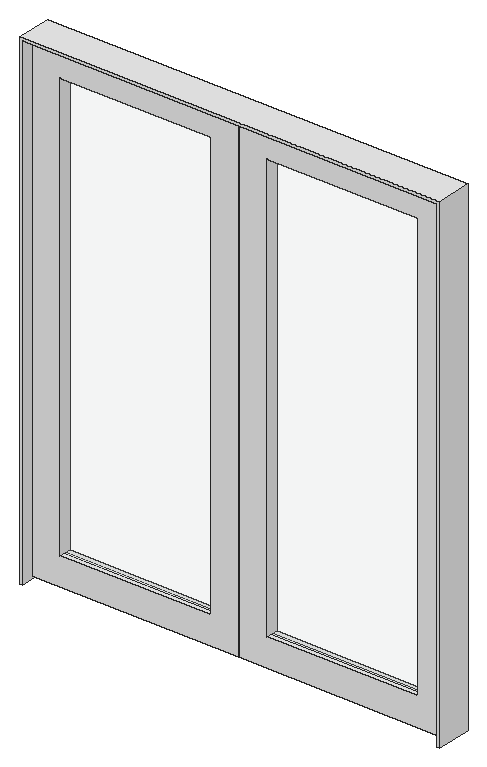
Revit family "Sliding Double Glass", category Doors, host Wall, Revit 2015
Parameters (values of type "18x21M")
  Wall Thickness [instance] = 150 mm
  URL = ""
  Thickness = 50 mm
  Rough Width = 1800 mm
  Rough Height = 2100 mm
  Rail Width = 120 mm
  Panel Width = (Rough Width / 2) - Frame Width  # 888 mm
  Offset [instance] = 0 mm
  Module Width = Rough Width / 100 mm  # 18
  Module Height = Rough Height / 100 mm  # 21
  Material Glass = none
  Material Frame = none
  Material Panel = none
  Height [instance] = Rough Height  # 2100 mm
  Wall Closure = By host
  Width [instance] = Rough Width  # 1800 mm
  Function = Interior
  Frame Width = 12 mm
  Fire Rating = "-"
  DoorBasalOpening = ""
  Assembly Code = ""
  Analytic Construction = "<None>"
Reference planes
  plane 1 "Center (Front/Back)": y = -1.032
  plane 2 "Center (Left/Right)": x = 0
  plane 3 "Left": x = -900
  plane 4 "Right": x = 900
  plane 5 "Exterior": y = 73.968
  plane 6 "Interior": y = -76.032
  plane 7 "Bottom Panel": z = 10
  plane 8: z = 2100
  plane 9 "Center Panel": y = -1.032
  plane 10: x = -1788
  plane 11: x = -1800
  plane 12: z = 1050
  plane 13: x = 1788
  plane 14: x = 1800
Forms (mm)
  Sweep 1, solid, material <- "Material Frame"
    path in 3D
      loop
        line (900, 73.968, 0) -> (900, 73.968, 2100) -> (-900, 73.968, 2100) -> (-900, 73.968, 0)
    profile origin (-900, 73.968, 1050) x (1, 0, 0) y (0, 1, 0)
      loop
        line (0, 0) -> (0, -150) -> (12, -150) -> (12, 0) -> (0, 0)
  Extrusion 2, solid, material <- "Material Panel"
    sketch origin (0, -1.032, 0) x (-1, 0, 0) y (0, 0, 1)
      loop
        line (0, 10) -> (888, 10) -> (888, 2088) -> (0, 2088) -> (0, 10)
      loop
        line (120, 1968) -> (120, 130) -> (768, 130) -> (768, 1968) -> (120, 1968)
    from 25 to -25
  Extrusion 3, solid, material <- "Material Panel"
    sketch origin (0, -1.032, 0) x (-1, 0, 0) y (0, 0, 1)
      loop
        line (-888, 10) -> (0, 10) -> (0, 2088) -> (-888, 2088) -> (-888, 10)
      loop
        line (-768, 130) -> (-120, 130) -> (-120, 1968) -> (-768, 1968) -> (-768, 130)
    from 25 to -25
  Extrusion 4, solid, material <- "Material Glass"
    sketch origin (0, -1.032, 0) x (-1, 0, 0) y (0, 0, 1)
      loop
        line (-768, 130) -> (-120, 130) -> (-120, 1968) -> (-768, 1968) -> (-768, 130)
    from 5 to -5
  Extrusion 5, solid, material <- "Material Glass"
    sketch origin (0, -1.032, 0) x (-1, 0, 0) y (0, 0, 1)
      loop
        line (120, 130) -> (768, 130) -> (768, 1968) -> (120, 1968) -> (120, 130)
    from 5 to -5
Lines and regions (mm)
  Opening 1
    outline origin (-3050, -76.032, 0) x (1, 0, 0) y (0, 0, 1)
      loop
        line (2150, 0) -> (3950, 0) -> (3950, 2100) -> (2150, 2100) -> (2150, 0)
  Masking region 1, detail levels medium+fine
    outline origin (0, 0, 0) x (1, 0, 0) y (0, 1, 0)
      loop
        line (-1344, -26.032) -> (-1224, -26.032) -> (-1224, 23.968) -> (-1344, 23.968) -> (-1344, -26.032)
      loop
        line (-456, 23.968) -> (-576, 23.968) -> (-576, -26.032) -> (-456, -26.032) -> (-456, 23.968)
  Masking region 2, detail levels medium+fine
    outline origin (0, 0, 0) x (1, 0, 0) y (0, 1, 0)
      loop
        line (456, 23.968) -> (456, -26.032) -> (576, -26.032) -> (576, 23.968) -> (456, 23.968)
      loop
        line (1344, -26.032) -> (1344, 23.968) -> (1224, 23.968) -> (1224, -26.032) -> (1344, -26.032)
  Masking region 3, detail levels fine
    outline origin (0, 0, 0) x (1, 0, 0) y (0, 1, 0)
      loop
        line (-1224, 3.968) -> (-1224, -6.032) -> (-576, -6.032) -> (-576, 3.968) -> (-1224, 3.968)
  Masking region 4, detail levels medium+fine
    outline origin (0, 0, 0) x (1, 0, 0) y (0, 1, 0)
      loop
        line (-1224, 23.968) -> (-1224, -26.032) -> (-576, -26.032) -> (-576, 23.968) -> (-1224, 23.968)
  Masking region 5, detail levels medium+fine
    outline origin (0, 0, 0) x (1, 0, 0) y (0, 1, 0)
      loop
        line (576, 23.968) -> (576, -26.032) -> (1224, -26.032) -> (1224, 23.968) -> (576, 23.968)
  Masking region 6, detail levels fine
    outline origin (0, 0, 0) x (1, 0, 0) y (0, 1, 0)
      loop
        line (576, 3.968) -> (576, -6.032) -> (1224, -6.032) -> (1224, 3.968) -> (576, 3.968)
  model lines, style "DoorsPanelProjection", detail levels medium+fine
    curve 1: line (70, 23.968, 1040) -> (70, 23.968, 950)
    curve 2: line (40, 23.968, 1040) -> (70, 23.968, 1040)
    curve 3: line (40, 23.968, 950) -> (40, 23.968, 1040)
    curve 4: line (70, 23.968, 950) -> (40, 23.968, 950)
    curve 5: line (40, -26.032, 1040) -> (70, -26.032, 1040)
    curve 6: line (70, -26.032, 1040) -> (70, -26.032, 950)
    curve 7: line (70, -26.032, 950) -> (40, -26.032, 950)
    curve 8: line (40, -26.032, 950) -> (40, -26.032, 1040)
    curve 29: line (-70, 23.968, 1040) -> (-70, 23.968, 950)
    curve 30: line (-40, 23.968, 1040) -> (-70, 23.968, 1040)
    curve 31: line (-40, 23.968, 950) -> (-40, 23.968, 1040)
    curve 32: line (-70, 23.968, 950) -> (-40, 23.968, 950)
    curve 33: line (-40, -26.032, 1040) -> (-70, -26.032, 1040)
    curve 34: line (-70, -26.032, 1040) -> (-70, -26.032, 950)
    curve 35: line (-70, -26.032, 950) -> (-40, -26.032, 950)
    curve 36: line (-40, -26.032, 950) -> (-40, -26.032, 1040)
  symbolic lines, style "DoorsPanelProjection", detail levels coarse
    curve 9: line (-456, -1.032, 0) -> (-1344, -1.032, 0)
    curve 37: line (456, -1.032, 0) -> (1344, -1.032, 0)
  sketch lines
    curve 10: line (-900, 73.968, 2100) -> (-900, 73.968, 0)
    curve 11: line (900, 73.968, 2100) -> (-900, 73.968, 2100)
    curve 12: line (900, 73.968, 0) -> (900, 73.968, 2100)
  symbolic lines, style "Plan Swing"
    curve 13: line (-800, 98.968, 0) -> (-456, 98.968, 0)
    curve 38: line (800, 98.968, 0) -> (456, 98.968, 0)
    curve 39: line (456, 98.968, 0) -> (564.757, 149.682, 0)
    curve 42: line (-456, 98.968, 0) -> (-564.757, 149.682, 0)
  symbolic lines, style "DoorsFrameMullionProjection", detail levels fine
    curve 14: line (-1788, 73.968, 0) -> (-1788, -76.032, 0)
    curve 15: line (-1800, 73.968, 0) -> (-1800, -76.032, 0)
    curve 16: line (-900, 73.968, 0) -> (-888, 73.968, 0)
    curve 17: line (-900, -76.032, 0) -> (-900, 73.968, 0)
    curve 18: line (-888, -76.032, 0) -> (-900, -76.032, 0)
    curve 19: line (-888, 73.968, 0) -> (-888, -76.032, 0)
    curve 20: line (888, 73.968, 0) -> (900, 73.968, 0)
    curve 21: line (888, -76.032, 0) -> (888, 73.968, 0)
    curve 22: line (900, -76.032, 0) -> (888, -76.032, 0)
    curve 23: line (900, 73.968, 0) -> (900, -76.032, 0)
    curve 40: line (1788, 73.968, 0) -> (1788, -76.032, 0)
    curve 41: line (1800, 73.968, 0) -> (1800, -76.032, 0)
  symbolic lines, style "Elevation Swing"
    curve 24: line (900, -1.032, 1050) -> (-900, -1.032, 1050)
    curve 25: line (-900, -1.032, 1050) -> (-726.795, -1.032, 1150)
    curve 26: line (-900, -1.032, 1050) -> (-726.795, -1.032, 950)
    curve 27: line (900, -1.032, 1050) -> (726.795, -1.032, 1150)
    curve 28: line (900, -1.032, 1050) -> (726.795, -1.032, 950)
  symbolic lines, style "DoorsPanelProjection", detail levels medium
    curve 43: line (-1224, -1.032, 0) -> (-576, -1.032, 0)
    curve 44: line (576, -1.032, 0) -> (1224, -1.032, 0)
Text (mm)
  text "Exterior" at (-2295.016, 1099.543, 0), in view "Ref. Level"
  text "Exterior" at (0, 1615.38, 3698.081), in view "Left"
  text "Exterior" at (0, 1036.032, 3874.932), in view "Right"
Dimensions and locks
  equal spacing: plane 3 "Left", plane 2 "Center (Left/Right)", plane 4 "Right"
  "Rough Width": plane 3 "Left" to plane 4 "Right"
  "Rough Height": level to plane 8
  locked: plane 5 "Exterior" to host wall at 0
  locked: plane 6 "Interior" to host wall
  locked: host wall to plane 7 "Bottom Panel" at 10
  "Offset": plane 1 "Center (Front/Back)" to plane 9 "Center Panel"
  "Frame Width": plane 3 "Left" to Sweep 1 sketch curve
  "Wall Thickness": host wall to host wall
  "Panel Width": plane 10 to plane 3 "Left"
  "Frame Width": plane 11 to plane 10
  equal spacing: level, plane 12, plane 8
  equal spacing: Extrusion 2, plane 9 "Center Panel", Extrusion 2
  "Thickness": Extrusion 2 to Extrusion 2
  equal spacing: Masking region 1 sketch curve, plane 3 "Left", Masking region 1 sketch curve
  "Panel Width": Masking region 1 sketch curve to Masking region 1 sketch curve
  equal spacing: Extrusion 3, plane 9 "Center Panel", Extrusion 3
  "Thickness": Extrusion 3 to Extrusion 3
  equal spacing: Masking region 2 sketch curve, plane 4 "Right", Masking region 2 sketch curve
  "Panel Width": Masking region 2 sketch curve to Masking region 2 sketch curve
  locked: curve 13 to Extrusion 2 at 75
  locked: plane 3 "Left" to curve 13 at 100
  locked: curve 38 to plane 4 "Right" at 100
  locked: curve 38 to Extrusion 3 at 75
  "Frame Width": plane 14 to plane 13
  "Panel Width": plane 4 "Right" to plane 13
  "Rail Width": Extrusion 3 to Sweep 1
  "Rail Width": Extrusion 3 to plane 2 "Center (Left/Right)"
  "Rail Width": plane 2 "Center (Left/Right)" to Extrusion 2
  "Rail Width": Extrusion 2 to Sweep 1  (x2)
  "Rail Width": Extrusion 3 to Extrusion 3  (x2)
  "Rail Width": Extrusion 2 to Extrusion 2
  "Rail Width": Masking region 1 sketch curve to Masking region 1 sketch curve  (x2)
  "Rail Width": Masking region 2 sketch curve to Masking region 2 sketch curve  (x2)
  locked: curve 38 to curve 39 (angle 25.00°)
  locked: curve 42 to curve 13 (angle 25.00°)
  aligned and locked: plane 3 "Left" to Opening 1 sketch curve
  aligned and locked: Opening 1 sketch curve to plane 4 "Right"
  aligned and locked: Opening 1 sketch curve to level
  aligned and locked: plane 1 "Center (Front/Back)" to host wall
  aligned and locked: curve 5 to curve 2
  aligned and locked: curve 6 to curve 1
  aligned and locked: Opening 1 sketch curve to plane 8
  aligned and locked: plane 9 "Center Panel" to curve 9
  aligned and locked: Masking region 1 to curve 9  (x2)
  aligned and locked: Sweep 1 sketch curve to plane 6 "Interior"
  aligned and locked: Sweep 1 sketch curve to plane 3 "Left"
  aligned and locked: plane 5 "Exterior" to Sweep 1 sketch curve
  aligned and locked: curve 15 to plane 11
  aligned and locked: host wall to curve 15  (x2)
  aligned and locked: host wall to curve 14  (x2)
  aligned and locked: curve 17 to plane 3 "Left"
  aligned and locked: plane 5 "Exterior" to curve 16
  aligned and locked: curve 19 to Sweep 1
  aligned and locked: curve 18 to plane 6 "Interior"
  aligned and locked: plane 4 "Right" to curve 23
  aligned and locked: plane 5 "Exterior" to curve 20
  aligned and locked: curve 22 to plane 6 "Interior"
  aligned and locked: curve 21 to Sweep 1
  aligned and locked: Sweep 1 to Extrusion 2 sketch curve
  aligned and locked: Extrusion 2 sketch curve to Sweep 1
  aligned and locked: Extrusion 2 sketch curve to plane 7 "Bottom Panel"
  aligned and locked: Sweep 1 to Extrusion 3 sketch curve
  aligned and locked: Extrusion 3 sketch curve to Sweep 1
  aligned and locked: Extrusion 3 sketch curve to plane 2 "Center (Left/Right)"
  aligned and locked: Extrusion 3 sketch curve to plane 7 "Bottom Panel"
  aligned and locked: plane 2 "Center (Left/Right)" to Extrusion 2
  aligned and locked: curve 30 to curve 33
  aligned and locked: Extrusion 2 to Masking region 1
  aligned and locked: Masking region 1 to Extrusion 2
  aligned and locked: Extrusion 3 to Masking region 2  (x2)
  aligned and locked: Masking region 2 to curve 37  (x2)
  aligned and locked: plane 14 to curve 41
  aligned and locked: curve 37 to curve 38
  aligned and locked: curve 13 to curve 9
  aligned and locked: Extrusion 4 sketch curve to Extrusion 3  (x4)
  aligned and locked: Extrusion 5 sketch curve to Extrusion 2  (x4)
  aligned and locked: Extrusion 2 to Masking region 1 sketch curve  (x3)
  aligned and locked: Masking region 1 to curve 43  (x2)
  aligned and locked: Masking region 1 to Masking region 3 sketch curve  (x2)
  aligned and locked: Masking region 3 sketch curve to Extrusion 5  (x2)
  aligned and locked: Masking region 4 sketch curve to Masking region 1  (x4)
  aligned and locked: Masking region 2 sketch curve to Extrusion 3  (x3)
  aligned and locked: Extrusion 3 to Masking region 2 sketch curve
  aligned and locked: Masking region 1 sketch curve to Extrusion 2
  aligned and locked: Masking region 2 to curve 44  (x2)
  aligned and locked: Masking region 5 sketch curve to Masking region 2  (x4)
  aligned and locked: Masking region 6 sketch curve to Masking region 5  (x2)
  aligned and locked: Masking region 6 sketch curve to Extrusion 4  (x2)
  aligned and locked: curve 43 to plane 9 "Center Panel"
  aligned and locked: curve 44 to plane 9 "Center Panel"
Automatic sketch dimensions
  plane 4 "Right" to curve 28 = 0 mm
  plane 3 "Left" to curve 24 = 0 mm
  curve 24 to plane 12 = 0 mm
  plane 4 "Right" to curve 27 = 173.205 mm
  plane 4 "Right" to curve 28 = 173.205 mm
  curve 25 to plane 3 "Left" = 173.205 mm
  curve 26 to plane 3 "Left" = 173.205 mm
  curve 28 to plane 12 = 100 mm
  curve 26 to plane 12 = 100 mm
  plane 12 to curve 27 = 100 mm
  plane 12 to curve 25 = 100 mm
  Extrusion 2 sketch curve to plane 2 "Center (Left/Right)" = 0 mm
  curve 31 to Extrusion 2 = 40 mm
  curve 30 to curve 30 = 30 mm
  curve 32 to curve 30 = 90 mm
  Extrusion 2 to curve 36 = 40 mm
  curve 35 to curve 35 = 30 mm
  Extrusion 2 to curve 35 = 940 mm
  curve 34 to curve 34 = 90 mm
  curve 1 to curve 3 = 30 mm
  curve 4 to curve 2 = 90 mm
  Extrusion 3 to curve 5 = 70 mm
  curve 6 to curve 7 = 30 mm
  Extrusion 3 to curve 7 = 940 mm
  curve 6 to curve 6 = 90 mm
  plane 4 "Right" to Extrusion 3 sketch curve = 132 mm
  plane 2 "Center (Left/Right)" to Extrusion 3 sketch curve = 120 mm
  Extrusion 3 sketch curve to plane 7 "Bottom Panel" = 120 mm
  plane 8 to Extrusion 3 sketch curve = 132 mm
  Extrusion 2 sketch curve to plane 2 "Center (Left/Right)" = 120 mm
  Extrusion 2 sketch curve to plane 3 "Left" = 132 mm
  Extrusion 2 sketch curve to plane 7 "Bottom Panel" = 120 mm
  plane 8 to Extrusion 2 sketch curve = 132 mm
  curve 14 to plane 10 = 0 mm
  host wall to curve 40 = 0 mm
  curve 40 to plane 13 = 0 mm
  host wall to curve 41 = 0 mm
  host wall to curve 37 = 0 mm
  curve 41 to host wall = 0 mm
  curve 40 to host wall = 0 mm
